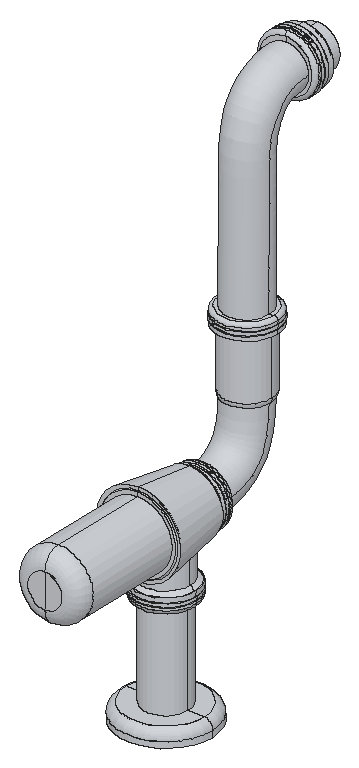
Revit family "Accessory-Wall-Outlet_Trap-KOHLER-K-9362T", category Plumbing Fixtures, host Face, Revit 2017
Family settings
  Host = Face
  Round Connector Dimension = Use Diameter
  Part Type = Normal
  OmniClass Number = 23.39.29.11
  OmniClass Title = Waste Water Drains
  Cut with Voids When Loaded = No
  Shared = No
  Room Calculation Point = No
Parameters (values of type "CP-Polished Chrome")
  Width = 2 77/128"  # constant formula
  WaterSense Certified = 1 = 0  # no
  Waste Water Outlet = "Waste Water Outlet"  # constant formula
  Waste Water Inlet = "Waste Water Inlet"  # constant formula
  Waste Connection = 1 = 1  # yes
  Vent Connection = 1 = 0  # no
  URL = "http://www.kohler.com.cn/"
  Type = 1
  Product Page URL = "https://www.kohler.com.cn/product/K-9362T-CP/K-9362T-CP/"
  Product Name = ""
  Product Documentation Link = "https://files.kohler.com.cn/pdfs/k-9362T.pdf"
  Model = "K-9362T-CP"  # constant formula
  Material = "Premium Metal Construction"  # constant formula
  Master Format 2014 Name = "Toilet, Bath, and Laundry Accessories"  # constant formula
  Master Format 2014 = "10 28 00"  # constant formula
  Manufacturer Address = "Kohler Beijing Office (100016)36-2-03-B, No. 88, Liuxiang Road, Beijing"  # constant formula
  Manufacturer = "KOHLER Co."  # constant formula
  Length = 15 23/64"  # constant formula
  Height = 9 133/256"  # constant formula
  HW Connection = 1 = 0  # no
  Finish = Kohler-Metal-CP-Polished_Chrome
  Environmental Product Declaration = ""
  Description = "Adjustable wall drain elbow (without basin sink)"  # constant formula
  Default Elevation = 20"
  Declare Label = ""
  Date Modified = "09/06/2020"  # constant formula
  Date Created = "09/06/2020"  # constant formula
  Copyright = "Copyright KOHLER Co."  # constant formula
  Contact Us = "http://www.kohler.com.cn/contact/contact-us/"
  CW Connection = 1 = 0  # no
  Assembly Code = "C1030200"
  ADA Compliant = 1 = 0  # no
Reference planes (in)
  plane 1 "Center (Front/Back)": y = 0
  plane 2: z = 0
  plane 3 "Center (Left/Right)": x = 0
  plane 4: y = 4.86026
  plane 5: z = 5.04921
  plane 6: z = 14.4973
  plane 7: y = 2.83153
  plane 8: z = 9.10359
  plane 9: y = 4.6301
  plane 10: z = 7.01698
  plane 11: y = 1.33268
  plane 12: z = 3.07874
  plane 13: z = 6.00375
  plane 14: z = 4.09467
  plane 15: y = 3.52323
  plane 16: y = 2.16164
  plane 17: y = 3.45739
  plane 18: y = 2.22644
  plane 19: y = 4.18307
  plane 20: y = 5.30906
  plane 21: y = 4.42126
  plane 22: x = -0.62391
  plane 23: x = 0.62391
  plane 24: z = 15.35937
  plane 25: y = -4.21047
  plane 26: x = 1.29984
  plane 27: x = -1.30172
  plane 28: y = 1.29984
  plane 29: y = -1.29984
  plane 30: y = 5.30906
Dimensions and locks (in)
  locked: plane 22 to plane 23 at 1.24783
  "Length": plane 24 to level
  "Width": plane 26 to plane 27
  plane 6 to plane 5 = 9.44808"
  locked: plane 6 to plane 10 at 7.48031
  locked: plane 14 to plane 13 at 1.90908
  locked: plane 28 to plane 29 at 2.59969
  "Height": plane 30 to plane 25
  locked: plane 30 to plane 7 at 2.47753
  locked: plane 8 to plane 5 at 4.05438
  aligned and locked: plane 2 to host face
  aligned and locked: level to host face
Automatic sketch dimensions
  host sketch curve to host sketch curve = 96"  (x2)
Nested families (in)
  nested 1: "K-9362T" at (0, 0, 0), type "K-9362T"
Connectors (in)
  piping at (0, 5.30906, 14.4973), diameter 1.25, driven by "Waste Water Inlet", driven by "Waste Connection"
    settings: on nested 1, index 1, connector inside diameter 24", connector length 0", flow factor 0, pipe flow 0 GPM, pressure drop 0.00 psi, fitting loss kfactor 0, connector angle 0.00°, fixture units 0, engagement length 0", angle of deflection 0.00°, flow configuration 0, flow direction 1, fitting loss method 0, system type 16, joint type 0, gender type 0, connector reference index -1, connector utility 1, adjustable connector no, is connector primary yes, connector description "Waste Water Inlet"
  piping at (0, 0, 0), diameter 1.25, driven by "Waste Water Outlet", driven by "Waste Connection"
    settings: on nested 1, index 2, connector inside diameter 24", connector length 0", flow factor 0, pipe flow 0 GPM, pressure drop 0.00 psi, fitting loss kfactor 0, connector angle 0.00°, fixture units 0, engagement length 0", angle of deflection 0.00°, flow configuration 0, flow direction 2, fitting loss method 0, system type 16, joint type 0, gender type 0, connector reference index -1, connector utility 1, adjustable connector no, is connector primary no, connector description "Waste Water Outlet"
Definition of nested family "K-9362T"
  Parameters (values of type "K-9362T")
    Material = none
  Reference planes (in)
    plane 1 "Center (Front/Back)": y = 0
    plane 2: z = 0
    plane 3 "Center (Left/Right)": x = 0
    plane 4: z = 14.4973
    plane 5: z = 5.04921
    plane 6: y = 1.33268
    plane 7: y = -4.21063
    plane 8: z = 3.07874
    plane 9 "1": y = 2.84225
    plane 10: y = 4.60827
    plane 11: y = 4.18307
    plane 12: y = 4.42126
    plane 13: z = 9.10359
    plane 14: z = 7.01698
    plane 15: y = -2.6752
    plane 16: y = 4.93362
  Forms (in)
    Revolve 1, solid, material <- "Material", detail levels medium+fine
      sketch origin (0, 0, 0) x (1, 0, 0) y (0, 0, 1)
        loop
          line (0, 0) -> (0, 4.73524) -> (-0.67927, 4.77084) -> (-0.67927, 3.58812) -> (-0.81385, 3.50402) -> (-0.84673, 3.50402) -> (-0.84673, 3.38584) -> (-0.86218, 3.35907) -> (-0.86218, 3.27752) -> (-0.8463, 3.25) -> (-0.8463, 3.18162)
          arc (-0.8463, 3.18162) -> (-0.81617, 3.10887) -> (-0.74342, 3.07874) r 0.10288
          line (-0.74342, 3.07874) -> (-0.62391, 3.07874) -> (-0.62391, 0.44245) -> (-1.0936, 0.44245)
          arc (-1.0936, 0.44245) -> (-1.24247, 0.34085) -> (-1.29984, 0.16999) r 0.2831
          line (-1.29984, 0.16999) -> (-1.29984, 0) -> (0, 0)
        axis (0, 4.77084) -> (0, 0)
      angle from 0 to 360
    Revolve 2, solid, material <- "Material", detail levels medium+fine
      sketch origin (0, 0, 0) x (0, 1, 0) y (0, 0, 1)
        loop
          line (-4.21063, 5.04921) -> (1.33268, 5.04921) -> (1.33268, 5.79104)
          arc (1.33268, 5.79104) -> (1.30203, 5.86503) -> (1.22804, 5.89568) r 0.10463
          line (1.22804, 5.89568) -> (1.16332, 5.89568) -> (1.13496, 5.9114) -> (1.05317, 5.9114) -> (1.02594, 5.89567) -> (0.93154, 5.89567) -> (0.90748, 5.87401) -> (0.83661, 5.87401) -> (0.83661, 5.96457) -> (-0.95472, 6.23031) -> (-0.95472, 6.13976) -> (-0.98228, 6.1122) -> (-0.98228, 6.00377) -> (-3.73231, 6.00377)
          arc (-3.73231, 6.00377) -> (-4.07053, 5.86367) -> (-4.21063, 5.52545) r 0.47832
          line (-4.21063, 5.52545) -> (-4.21063, 5.04921)
        axis (1.33268, 5.04921) -> (-4.21063, 5.04921)
      angle from 0 to 360
    Sweep 3, solid, material <- "Material"
      path origin (0, 0, 0) x (0, 1, 0) y (0, 0, 1)
        loop
          spline (4.42126, 14.4973) -> (3.26815, 14.12773) -> (2.88086, 13.25575) -> (2.83944, 12.23611) -> (2.83606, 11.31737) -> (2.8322, 10.49309) -> (2.82895, 9.71933) -> (2.82727, 8.95129) -> (2.82757, 8.14107) -> (2.83017, 7.24005) -> (2.78145, 6.24511) -> (2.33079, 5.40375) -> (1.02594, 5.04921)
      profile origin (0, 2.82895, 9.71933) x (0, 0.999994, -0.003378) y (1, 0, 0)
        loop
          circle (0, 0) r 0.62455
    Revolve 4, solid, material <- "Material"
      sketch origin (0, 2.84225, 0) x (0, 0, -1) y (-1, 0, 0)
        loop
          line (-7.01698, 0.68032) -> (-8.6784, 0.68032) -> (-8.6784, 0.84664) -> (-8.7964, 0.84664) -> (-8.82331, 0.86218) -> (-8.90778, 0.86218) -> (-8.93424, 0.84646) -> (-9.00191, 0.84646)
          arc (-9.00191, 0.84646) -> (-9.07381, 0.81668) -> (-9.10359, 0.74477) r 0.10168
          line (-9.10359, 0.74477) -> (-9.10359, 0) -> (-6.89927, 0) -> (-6.89927, 0.65395)
          arc (-6.89927, 0.65395) -> (-6.95667, 0.67365) -> (-7.01698, 0.68032) r 0.27591
        axis (-6.89927, 0) -> (-9.10359, 0)
      angle from 0 to 360
    Revolve 5, solid, material <- "Material", detail levels medium+fine
      sketch origin (0, 0, 0) x (0, 1, 0) y (0, 0, 1)
        loop
          line (4.18307, 14.4973) -> (5.30906, 14.4973) -> (5.30906, 15.09311) -> (5.28942, 15.11735) -> (4.86024, 15.11735) -> (4.86024, 15.26342) -> (4.80155, 15.32211) -> (4.6301, 15.32211) -> (4.60827, 15.34376) -> (4.49021, 15.34376) -> (4.46298, 15.35948) -> (4.38003, 15.35948) -> (4.3528, 15.34376) -> (4.28589, 15.34376)
          arc (4.28589, 15.34376) -> (4.21319, 15.31365) -> (4.18307, 15.24094) r 0.10282
          line (4.18307, 15.24094) -> (4.18307, 14.4973)
        axis (5.30906, 14.4973) -> (4.18307, 14.4973)
      angle from 0 to 360
    Revolve 6, solid, material <- "Material", detail levels coarse
      sketch origin (0, 0, 0) x (1, 0, 0) y (0, 0, 1)
        loop
          line (0, 0) -> (0, 4.54415) -> (-0.67927, 4.54415) -> (-0.67927, 3.58812) -> (-0.86218, 3.58812) -> (-0.86218, 3.07874) -> (-0.62391, 3.07874) -> (-0.62391, 0.44245) -> (-1.29984, 0.44245) -> (-1.29984, 0) -> (0, 0)
        axis (0, 4.54415) -> (0, 0)
      angle from 0 to 360
    Revolve 7, solid, material <- "Material", detail levels coarse
      sketch origin (0, 0, 0) x (0, 1, 0) y (0, 0, 1)
        loop
          line (-0.98228, 6.00377) -> (-4.21063, 6.00377) -> (-4.21063, 5.04921) -> (1.33268, 5.04921) -> (1.33268, 5.89098) -> (-0.98228, 6.2344) -> (-0.98228, 6.00377)
        axis (1.33268, 5.04921) -> (-4.21063, 5.04921)
      angle from 0 to 360
    Revolve 8, solid, material <- "Material", detail levels coarse
      sketch origin (0, 0, 0) x (0, 1, 0) y (0, 0, 1)
        loop
          line (2.83153, 9.10359) -> (2.83153, 6.89927) -> (3.52323, 6.89927) -> (3.52323, 8.6805) -> (3.70444, 8.6805) -> (3.70444, 9.10359) -> (2.83153, 9.10359)
        axis (2.83153, 9.10359) -> (2.83153, 6.89927)
      angle from 0 to 360
    Revolve 9, solid, material <- "Material", detail levels coarse
      sketch origin (0, 0, 0) x (0, 1, 0) y (0, 0, 1)
        loop
          line (4.18307, 14.4973) -> (5.32732, 14.4973) -> (5.32732, 15.11747) -> (4.93362, 15.11747) -> (4.93362, 15.26342) -> (4.80268, 15.35948) -> (4.18307, 15.35948) -> (4.18307, 14.4973)
        axis (5.32732, 14.4973) -> (4.18307, 14.4973)
      angle from 0 to 360
    Extrusion 10, solid, material <- "Material"
      sketch origin (0, 0, 0) x (1, 0, 0) y (0, 0, 1)
        loop
          circle (0, 14.4973) r 0.15748
      from -5.30906 to -4.18307
    Extrusion 11, solid, material <- "Material"
      sketch origin (0, 0, 0) x (1, 0, 0) y (0, 1, 0)
        loop
          circle (0, 0) r 0.15748
      from 0 to 0.94477
  Cuts and joins
    joined: Revolve 1, Revolve 2
    joined: Revolve 6, Revolve 7
    joined: Sweep 3, Revolve 4
  Lines and regions (in)
    Masking region 1
      outline origin (0, 0, 0) x (0, 1, 0) y (0, 0, 1)
        loop
          line (4.86024, 15.26342) -> (4.80155, 15.32211) -> (4.6301, 15.32211) -> (4.60827, 15.34394) -> (4.49021, 15.34394) -> (4.46298, 15.35948) -> (4.38003, 15.35948) -> (4.3528, 15.34376) -> (4.2871, 15.34376)
          arc (4.2871, 15.34376) -> (4.21354, 15.31329) -> (4.18307, 15.23973) r 0.10403
          line (4.18307, 15.23973) -> (4.18307, 15.10773)
          arc (4.18307, 15.10773) -> (3.39009, 14.93158) -> (2.72731, 14.46195) r 2.05519
          arc (2.72731, 14.46195) -> (2.37132, 13.79126) -> (2.23892, 13.04358) r 2.43817
          arc (2.23892, 13.04358) -> (2.22042, 11.85605) -> (2.20983, 10.66842) r 178.13179
          arc (2.20983, 10.66842) -> (2.21071, 9.88601) -> (2.20798, 9.10359) r 169.93614
          line (2.20798, 9.10359) -> (2.09781, 9.10359)
          arc (2.09781, 9.10359) -> (2.02567, 9.07371) -> (1.99579, 9.00157) r 0.10202
          line (1.99579, 9.00157) -> (1.99579, 8.93421) -> (1.98006, 8.90774) -> (1.98006, 8.8233) -> (1.9956, 8.7964) -> (1.9956, 8.6805) -> (2.16126, 8.6805) -> (2.16126, 7.01698) -> (2.21682, 6.89927)
          arc (2.21682, 6.89927) -> (2.18731, 6.51224) -> (2.10529, 6.13286) r 2.83869
          arc (2.10529, 6.13286) -> (1.9517, 5.89234) -> (1.69215, 5.77373) r 0.50418
          arc (1.69215, 5.77373) -> (1.51549, 5.72106) -> (1.33268, 5.69732) r 1.14925
          line (1.33268, 5.69732) -> (1.33268, 5.79259)
          arc (1.33268, 5.79259) -> (1.30254, 5.86534) -> (1.22979, 5.89548) r 0.10288
          line (1.22979, 5.89548) -> (1.16332, 5.89548) -> (1.13496, 5.9114) -> (1.05317, 5.9114) -> (1.02594, 5.89567) -> (0.93154, 5.89567) -> (0.90748, 5.87401) -> (0.83661, 5.87401) -> (0.83661, 5.96457) -> (-0.95472, 6.23031) -> (-0.95472, 6.13976) -> (-0.98228, 6.1122) -> (-0.98228, 6.00377) -> (-3.73425, 6.00377)
          arc (-3.73425, 6.00377) -> (-4.0711, 5.86424) -> (-4.21063, 5.52739) r 0.47638
          line (-4.21063, 5.52739) -> (-4.21063, 4.57104)
          arc (-4.21063, 4.57104) -> (-4.0711, 4.23418) -> (-3.73425, 4.09466) r 0.47638
          line (-3.73425, 4.09466) -> (-0.98228, 4.09466) -> (-0.98228, 3.98622) -> (-0.95472, 3.95866) -> (-0.95472, 3.86811) -> (-0.67927, 3.90897) -> (-0.67927, 3.58812) -> (-0.81385, 3.50402) -> (-0.84673, 3.50402) -> (-0.84673, 3.38584) -> (-0.86218, 3.35907) -> (-0.86218, 3.27752) -> (-0.8463, 3.25) -> (-0.8463, 3.18108)
          arc (-0.8463, 3.18108) -> (-0.81632, 3.10872) -> (-0.74396, 3.07874) r 0.10234
          line (-0.74396, 3.07874) -> (-0.62633, 3.07874) -> (-0.62633, 0.44245) -> (-1.0936, 0.44245)
          arc (-1.0936, 0.44245) -> (-1.24265, 0.33759) -> (-1.29984, 0.16456) r 0.29034
          line (-1.29984, 0.16456) -> (-1.29984, 0) -> (1.29984, 0) -> (1.29984, 0.16456)
          arc (1.29984, 0.16456) -> (1.24265, 0.33759) -> (1.0936, 0.44245) r 0.29034
          line (1.0936, 0.44245) -> (0.62633, 0.44245) -> (0.62633, 3.07874) -> (0.74396, 3.07874)
          arc (0.74396, 3.07874) -> (0.81632, 3.10872) -> (0.8463, 3.18108) r 0.10234
          line (0.8463, 3.18108) -> (0.8463, 3.25) -> (0.86218, 3.27752) -> (0.86218, 3.35907) -> (0.84673, 3.38584) -> (0.84673, 3.50402) -> (0.81385, 3.50402) -> (0.67927, 3.58812) -> (0.67927, 4.11052) -> (0.83661, 4.13386) -> (0.83661, 4.22441) -> (0.90748, 4.22441) -> (0.93154, 4.20275) -> (1.02594, 4.20275) -> (1.05317, 4.18703) -> (1.13496, 4.18703) -> (1.16332, 4.20295) -> (1.22979, 4.20295)
          arc (1.22979, 4.20295) -> (1.30254, 4.23308) -> (1.33268, 4.30583) r 0.10288
          line (1.33268, 4.30583) -> (1.33268, 4.44451)
          arc (1.33268, 4.44451) -> (2.15428, 4.60821) -> (2.86656, 5.04921) r 2.35451
          arc (2.86656, 5.04921) -> (3.33575, 5.91945) -> (3.46768, 6.89927) r 2.75634
          line (3.46768, 6.89927) -> (3.52323, 7.01698) -> (3.52323, 8.6805) -> (3.68889, 8.6805) -> (3.68889, 8.7964) -> (3.70444, 8.8233) -> (3.70444, 8.90774) -> (3.68871, 8.93421) -> (3.68871, 9.00157)
          arc (3.68871, 9.00157) -> (3.65882, 9.07371) -> (3.58668, 9.10359) r 0.10202
          line (3.58668, 9.10359) -> (3.45509, 9.10359)
          arc (3.45509, 9.10359) -> (3.45237, 10.18627) -> (3.45509, 11.26895) r 215.47603
          arc (3.45509, 11.26895) -> (3.47889, 12.28281) -> (3.54009, 13.29509) r 27.4827
          arc (3.54009, 13.29509) -> (3.74167, 13.71091) -> (4.18307, 13.84768) r 0.58036
          line (4.18307, 13.84768) -> (4.18307, 13.75486)
          arc (4.18307, 13.75486) -> (4.21354, 13.6813) -> (4.2871, 13.65083) r 0.10403
          line (4.2871, 13.65083) -> (4.3528, 13.65083) -> (4.38003, 13.63511) -> (4.46298, 13.63511) -> (4.49021, 13.65065) -> (4.60827, 13.65065) -> (4.6301, 13.67248) -> (4.80155, 13.67248) -> (4.86024, 13.73117) -> (4.86024, 13.87712) -> (5.28932, 13.87712) -> (5.30906, 13.90148) -> (5.30906, 15.09311) -> (5.28932, 15.11747) -> (4.86024, 15.11747) -> (4.86024, 15.26342)
    Masking region 2
      outline origin (0, 0, 0) x (1, 0, 0) y (0, 0, 1)
        loop
          arc (0.62427, 13.90261) -> (0.79249, 14.83688) -> (0, 15.35948) r 0.86218
          arc (0, 15.35948) -> (-0.79249, 14.83688) -> (-0.62427, 13.90261) r 0.86218
          line (-0.62427, 13.90261) -> (-0.62427, 9.10359) -> (-0.74635, 9.10359)
          arc (-0.74635, 9.10359) -> (-0.81714, 9.07427) -> (-0.84646, 9.00348) r 0.10011
          line (-0.84646, 9.00348) -> (-0.84646, 8.93424) -> (-0.86218, 8.90778) -> (-0.86218, 8.82331) -> (-0.84664, 8.7964) -> (-0.84664, 8.6784) -> (-0.68032, 8.6784) -> (-0.68032, 7.01698) -> (-0.62543, 6.89927) -> (-0.62543, 6.05113)
          arc (-0.62543, 6.05113) -> (-1.18066, 5.08151) -> (-0.67927, 4.08299) r 1.1811
          line (-0.67927, 4.08299) -> (-0.67927, 3.58812) -> (-0.81385, 3.50402) -> (-0.84673, 3.50402) -> (-0.84673, 3.38584) -> (-0.86218, 3.35907) -> (-0.86218, 3.27752) -> (-0.8463, 3.25) -> (-0.8463, 3.18017)
          arc (-0.8463, 3.18017) -> (-0.81659, 3.10845) -> (-0.74487, 3.07874) r 0.10143
          line (-0.74487, 3.07874) -> (-0.62391, 3.07874) -> (-0.62391, 0.44245) -> (-1.0936, 0.44245)
          arc (-1.0936, 0.44245) -> (-1.24251, 0.34011) -> (-1.29984, 0.16877) r 0.28471
          line (-1.29984, 0.16877) -> (-1.29984, 0) -> (1.29984, 0) -> (1.29984, 0.16877)
          arc (1.29984, 0.16877) -> (1.24251, 0.34011) -> (1.0936, 0.44245) r 0.28471
          line (1.0936, 0.44245) -> (0.62391, 0.44245) -> (0.62391, 3.07874) -> (0.74487, 3.07874)
          arc (0.74487, 3.07874) -> (0.81659, 3.10845) -> (0.8463, 3.18017) r 0.10143
          line (0.8463, 3.18017) -> (0.8463, 3.25) -> (0.86218, 3.27752) -> (0.86218, 3.35907) -> (0.84673, 3.38584) -> (0.84673, 3.50402) -> (0.81385, 3.50402) -> (0.67927, 3.58812) -> (0.67927, 4.08299)
          arc (0.67927, 4.08299) -> (1.18066, 5.08151) -> (0.62543, 6.05113) r 1.1811
          line (0.62543, 6.05113) -> (0.62543, 6.89927) -> (0.68032, 7.01698) -> (0.68032, 8.6784) -> (0.84664, 8.6784) -> (0.84664, 8.7964) -> (0.86218, 8.82331) -> (0.86218, 8.90778) -> (0.84646, 8.93424) -> (0.84646, 9.00348)
          arc (0.84646, 9.00348) -> (0.81714, 9.07427) -> (0.74635, 9.10359) r 0.10011
          line (0.74635, 9.10359) -> (0.62427, 9.10359) -> (0.62427, 13.90261)
    Masking region 3
      outline origin (0, 0, 0) x (1, 0, 0) y (0, 1, 0)
        loop
          line (0.76612, 4.86024) -> (0.62022, 4.86024) -> (0.62022, 5.28929) -> (0.59581, 5.30906) -> (-0.59581, 5.30906) -> (-0.62022, 5.28929) -> (-0.62022, 4.86024) -> (-0.76612, 4.86024) -> (-0.82481, 4.80155) -> (-0.82481, 4.6301) -> (-0.84645, 4.60827) -> (-0.84645, 4.49024) -> (-0.8622, 4.46296) -> (-0.8622, 4.38009) -> (-0.84647, 4.35286) -> (-0.84647, 4.2864)
          arc (-0.84647, 4.2864) -> (-0.81621, 4.21333) -> (-0.74315, 4.18307) r 0.10332
          line (-0.74315, 4.18307) -> (-0.62287, 4.18307) -> (-0.62287, 3.4384)
          arc (-0.62287, 3.4384) -> (-0.80012, 3.16344) -> (-0.86218, 2.84225) r 0.86218
          arc (-0.86218, 2.84225) -> (-0.80012, 2.52105) -> (-0.62287, 2.2461) r 0.86218
          line (-0.62287, 2.2461) -> (-0.62287, 1.33268) -> (-0.74111, 1.33268)
          arc (-0.74111, 1.33268) -> (-0.81561, 1.30182) -> (-0.84647, 1.22733) r 0.10535
          line (-0.84647, 1.22733) -> (-0.84647, 1.16332) -> (-0.86218, 1.13496) -> (-0.86218, 1.05317) -> (-0.84646, 1.02594) -> (-0.84646, 0.98646)
          arc (-0.84646, 0.98646) -> (-1.27996, 0.22646) -> (-1.13354, -0.63614) r 1.29984
          line (-1.13354, -0.63614) -> (-1.1809, -0.95472) -> (-1.09055, -0.95472) -> (-1.06299, -0.98228) -> (-0.95456, -0.98228) -> (-0.95456, -3.7373)
          arc (-0.95456, -3.7373) -> (-0.81592, -4.072) -> (-0.48123, -4.21063) r 0.47333
          line (-0.48123, -4.21063) -> (0.48123, -4.21063)
          arc (0.48123, -4.21063) -> (0.81592, -4.072) -> (0.95456, -3.7373) r 0.47333
          line (0.95456, -3.7373) -> (0.95456, -0.98228) -> (1.06299, -0.98228) -> (1.09055, -0.95472) -> (1.1809, -0.95472) -> (1.13354, -0.63614)
          arc (1.13354, -0.63614) -> (1.27996, 0.22646) -> (0.84646, 0.98646) r 1.29984
          line (0.84646, 0.98646) -> (0.84646, 1.02594) -> (0.86218, 1.05317) -> (0.86218, 1.13496) -> (0.84647, 1.16332) -> (0.84647, 1.22733)
          arc (0.84647, 1.22733) -> (0.81561, 1.30182) -> (0.74111, 1.33268) r 0.10535
          line (0.74111, 1.33268) -> (0.62287, 1.33268) -> (0.62287, 2.2461)
          arc (0.62287, 2.2461) -> (0.80012, 2.52105) -> (0.86218, 2.84225) r 0.86218
          arc (0.86218, 2.84225) -> (0.80012, 3.16344) -> (0.62287, 3.4384) r 0.86218
          line (0.62287, 3.4384) -> (0.62287, 4.18307) -> (0.74315, 4.18307)
          arc (0.74315, 4.18307) -> (0.81621, 4.21333) -> (0.84647, 4.2864) r 0.10332
          line (0.84647, 4.2864) -> (0.84647, 4.35286) -> (0.8622, 4.38009) -> (0.8622, 4.46296) -> (0.84645, 4.49024) -> (0.84645, 4.60827) -> (0.82481, 4.6301) -> (0.82481, 4.80155) -> (0.76612, 4.86024)
    symbolic lines, detail levels medium+fine
      curve 1: arc (0, 0, 13.73117) -> (-0.76612, 0, 14.4973) -> (0, 0, 15.26342) r 0.76612
      curve 2: arc (0, 0, 15.32211) -> (-0.82481, 0, 14.4973) -> (0, 0, 13.67248) r 0.82481
      curve 3: arc (0, 0, 15.34376) -> (-0.84646, 0, 14.4973) -> (0, 0, 13.65083) r 0.84646
      curve 4: arc (0, 0, 15.26342) -> (0.76612, 0, 14.4973) -> (0, 0, 13.73117) r 0.76612
      curve 5: arc (0, 0, 13.65083) -> (0.84646, 0, 14.4973) -> (0, 0, 15.34376) r 0.84646
      curve 6: arc (0, 0, 15.32211) -> (0.82481, 0, 14.4973) -> (0, 0, 13.67248) r 0.82481
      curve 7: line (0.62636, 0, 9.10359) -> (-0.62415, 0, 9.10359)
      curve 8: line (0.84646, 0, 8.93424) -> (-0.84646, 0, 8.93424)
      curve 9: line (0.86218, 0, 8.90778) -> (-0.86218, 0, 8.90778)
      curve 10: line (0.86218, 0, 8.82331) -> (-0.86218, 0, 8.82331)
      curve 11: line (0.84664, 0, 8.7964) -> (-0.84664, 0, 8.7964)
      curve 12: line (0.68032, 0, 8.6784) -> (-0.68032, 0, 8.6784)
      curve 13: line (0.68032, 0, 7.01698) -> (-0.68032, 0, 7.01698)
      curve 14: line (0.62543, 0, 6.89927) -> (-0.62543, 0, 6.89927)
      curve 15: arc (0, 0, 4.13386) -> (-0.85137, 0, 4.713) -> (-0.62543, 0, 5.71758) r 0.91535
      curve 16: arc (0.62543, 0, 5.71758) -> (0.85137, 0, 4.713) -> (0, 0, 4.13386) r 0.91535
      curve 17: arc (0, 0, 4.20275) -> (0.77438, 0, 4.70739) -> (0.62543, 0, 5.6196) r 0.84647
      curve 18: arc (-0.62543, 0, 5.64268) -> (-0.79216, 0, 4.70886) -> (0, 0, 4.18703) r 0.86218
      curve 19: arc (-0.62543, 0, 5.6196) -> (-0.77438, 0, 4.70739) -> (0, 0, 4.20275) r 0.84647
      curve 20: arc (0, 0, 4.18703) -> (0.79216, 0, 4.70886) -> (0.62543, 0, 5.64268) r 0.86218
      curve 21: line (0.67927, 0, 3.58812) -> (-0.67927, 0, 3.58812)
      curve 22: line (0.84673, 0, 3.38584) -> (-0.84673, 0, 3.38584)
      curve 23: line (0.86218, 0, 3.35907) -> (-0.86218, 0, 3.35907)
      curve 24: line (0.8463, 0, 3.25) -> (-0.8463, 0, 3.25)
      curve 25: line (0.86218, 0, 3.27752) -> (-0.86218, 0, 3.27752)
      curve 26: line (0.81385, 0, 3.50402) -> (-0.81385, 0, 3.50402)
      curve 27: line (0.62391, 0, 3.07874) -> (-0.62391, 0, 3.07874)
      curve 28: line (0.62391, 0, 0.44245) -> (-0.62391, 0, 0.44245)
      curve 29: line (1.29984, 0, 0) -> (-1.29984, 0, 0)
      curve 30: line (0.62543, 0, 6.05113) -> (0.62543, 0, 5.05113)
      curve 31: line (-0.62543, 0, 6.05113) -> (-0.62543, 0, 5.05113)
      curve 32: line (0, 4.80155, 13.67248) -> (0, 4.80155, 15.32211)
      curve 33: line (0, 4.6301, 13.67248) -> (0, 4.6301, 15.32211)
      curve 34: line (0, 4.60827, 15.34376) -> (0, 4.60827, 13.65065)
      curve 35: line (0, 4.49021, 13.65083) -> (0, 4.49021, 15.34376)
      curve 36: line (0, 4.46298, 13.63511) -> (0, 4.46298, 15.35948)
      curve 37: line (0, 4.38003, 13.63511) -> (0, 4.38003, 15.35948)
      curve 38: line (0, 4.3528, 13.65083) -> (0, 4.3528, 15.34376)
      curve 39: line (0, 4.18307, 15.10773) -> (0, 4.18307, 13.84768)
      curve 40: line (0, 3.45509, 9.10359) -> (0, 2.20798, 9.10359)
      curve 41: line (0, 3.68871, 8.93424) -> (0, 1.99579, 8.93424)
      curve 42: line (0, 3.70444, 8.90774) -> (0, 1.98006, 8.90774)
      curve 43: line (0, 3.70444, 8.8233) -> (0, 1.98006, 8.8233)
      curve 44: line (0, 3.68889, 8.7964) -> (0, 1.9956, 8.7964)
      curve 45: line (0, 3.52323, 8.6805) -> (0, 2.16126, 8.6805)
      curve 46: line (0, 3.46768, 6.89927) -> (0, 2.21682, 6.89927)
      curve 47: line (0, 3.52323, 7.01698) -> (0, 2.16126, 7.01698)
      curve 48: line (0, 1.13496, 4.18703) -> (0, 1.13496, 5.9114)
      curve 49: line (0, 1.16332, 4.20275) -> (0, 1.16332, 5.89568)
      curve 50: line (0, 1.02594, 5.90679) -> (0, 1.02594, 4.20275)
      curve 51: line (0, 1.05317, 4.18703) -> (0, 1.05317, 5.9114)
      curve 52: line (0, 0.93154, 4.20275) -> (0, 0.93154, 5.89567)
      curve 53: line (0, 0.90748, 4.22441) -> (0, 0.90748, 5.87401)
      curve 54: line (0, 1.33268, 5.69732) -> (0, 1.33268, 4.44451)
      curve 55: line (0, 0.83661, 5.87401) -> (0, 0.83661, 4.22441)
      curve 56: line (0, 0.67927, 3.58812) -> (0, -0.67927, 3.58812)
      curve 57: line (0, 0.81385, 3.50402) -> (0, -0.81385, 3.50402)
      curve 58: line (0, 0.84673, 3.38584) -> (0, -0.84673, 3.38584)
      curve 59: line (0, 0.86218, 3.35907) -> (0, -0.86218, 3.35907)
      curve 60: line (0, 0.86218, 3.27752) -> (0, -0.86218, 3.27752)
      curve 61: line (0, 0.8463, 3.25) -> (0, -0.8463, 3.25)
      curve 62: line (0, 0.62391, 3.07874) -> (0, -0.62391, 3.07874)
      curve 63: line (0, -0.95472, 6.13976) -> (0, -0.95472, 3.95866)
      curve 64: line (0, -0.98228, 6.00377) -> (0, -0.98228, 4.09466)
      curve 65: line (0, 0.62391, 0.44245) -> (0, -0.62391, 0.44245)
      curve 66: line (0, 1.29984, 0) -> (0, -1.29984, 0)
      curve 67: line (-0.82481, 4.80155, 0) -> (0.82481, 4.80155, 0)
      curve 68: line (-0.82481, 4.6301, 0) -> (0.82481, 4.6301, 0)
      curve 69: line (0.84565, 4.60827, 0) -> (-0.84674, 4.60827, 0)
      curve 70: line (-0.84657, 4.4902, 0) -> (0.84651, 4.4902, 0)
      curve 71: line (-0.84657, 4.35232, 0) -> (0.84651, 4.35232, 0)
      curve 72: line (0.86162, 4.46281, 0) -> (-0.8619, 4.46281, 0)
      curve 73: line (0.86162, 4.37971, 0) -> (-0.8619, 4.37971, 0)
      curve 74: line (-0.62514, 4.18307, 0) -> (0.6243, 4.18307, 0)
      curve 75: line (-0.62485, 3.44276, 0) -> (-0.62485, 2.84504, 0)
      curve 76: line (0.62485, 3.4944, 0) -> (0.62485, 2.84504, 0)
      curve 77: arc (-0.62485, 2.84504, 0) -> (-0.4481, 2.3923, 0) -> (0, 2.20411, 0) r 0.62331
      curve 78: arc (0.62485, 2.84504, 0) -> (0.4481, 2.3923, 0) -> (0, 2.20411, 0) r 0.62331
      curve 79: arc (0.62306, 2.2475, 0) -> (-0.00091, 1.98043, 0) -> (-0.62488, 2.2475, 0) r 0.86245
      curve 80: line (-0.62639, 1.33268, 0) -> (0.62571, 1.33268, 0)
      curve 81: line (-0.84647, 1.16332, 0) -> (0.84647, 1.16332, 0)
      curve 82: line (-0.86218, 1.13496, 0) -> (0.86218, 1.13496, 0)
      curve 83: line (0.86218, 1.05317, 0) -> (-0.86218, 1.05317, 0)
      curve 84: line (-0.84646, 1.02594, 0) -> (0.84646, 1.02594, 0)
      curve 85: line (-0.84646, 0.93154, 0) -> (0.84646, 0.93154, 0)
      curve 86: line (-0.8248, 0.90748, 0) -> (0.8248, 0.90748, 0)
      curve 87: line (-0.91535, 0.83661, 0) -> (0.91535, 0.83661, 0)
      curve 88: line (-0.84646, 0.98646, 0) -> (-0.84646, 0.93154, 0)
      curve 89: line (-0.8248, 0.90748, 0) -> (-0.8248, 0.83661, 0)
      curve 90: line (-0.91535, 0.83661, 0) -> (-1.13389, -0.63551, 0)
      curve 91: line (0.91535, 0.83661, 0) -> (1.13389, -0.63551, 0)
      curve 92: line (0.84646, 0.98646, 0) -> (0.84646, 0.93154, 0)
      curve 93: line (0.8248, 0.90748, 0) -> (0.8248, 0.83661, 0)
      curve 94: line (-0.84646, 0.93154, 0) -> (-0.8248, 0.90748, 0)
      curve 95: line (0.84646, 0.93154, 0) -> (0.8248, 0.90748, 0)
      curve 96: arc (1.07372, -0.20759, 0) -> (1.08101, 0.16546, 0) -> (0.96247, 0.51924, 0) r 1.0936
      curve 97: arc (-0.96247, 0.51924, 0) -> (-1.08078, 0.16695, 0) -> (-1.07429, -0.20462, 0) r 1.0936
      curve 98: line (-1.09055, -0.95472, 0) -> (1.09055, -0.95472, 0)
      curve 99: line (-0.95456, -0.98228, 0) -> (0.95456, -0.98228, 0)
      curve 100: line (0, -0.67927, 3.90897) -> (0, 0, 4.2624)
      curve 101: line (0, 0, 4.2624) -> (0, 0.67927, 4.11052)
      curve 102: line (0, 5.28942, 13.87724) -> (0, 5.28942, 15.11735)
      curve 103: line (0, 4.86024, 15.11735) -> (0, 4.86024, 13.87724)
      curve 104: arc (0, 0, 13.87712) -> (0.62018, 0, 14.4973) -> (0, 0, 15.11747) r 0.62018
      curve 105: arc (0, 0, 15.11747) -> (-0.62018, 0, 14.4973) -> (0, 0, 13.87712) r 0.62018
      curve 106: line (-0.62006, 5.28942, 0) -> (0.62006, 5.28942, 0)
      curve 107: line (-0.62006, 4.86024, 0) -> (0.62006, 4.86024, 0)
      curve 108: line (0.67927, 0, 4.2624) -> (0, 0, 4.11052)
      curve 109: line (-0.67927, 0, 4.2624) -> (0, 0, 4.11052)
      curve 110: line (0.67927, 0, 4.2624) -> (0.67927, 0, 4.07896)
      curve 111: line (-0.67927, 0, 4.2624) -> (-0.67927, 0, 4.07896)
      curve 112: arc (0.62543, 0, 5.05113) -> (0, 0, 4.4257) -> (-0.62543, 0, 5.05113) r 0.62543
  Dimensions and locks (in)
    locked: plane 4 to plane 5 at 9.44808
    locked: plane 6 to plane 7 at 5.54331
    plane 5 to level = 5.04921"
    locked: plane 8 to level at 3.07874
    locked: plane 10 to plane 9 "1" at 1.76602
    locked: plane 13 to plane 5 at 4.05438
    locked: plane 4 to plane 14 at 7.48031
    locked: plane 6 to plane 1 "Center (Front/Back)" at 1.33268
    locked: plane 9 "1" to plane 15 at 5.51744
    locked: plane 16 to plane 9 "1" at 2.09137
    aligned and locked: plane 2 to level
